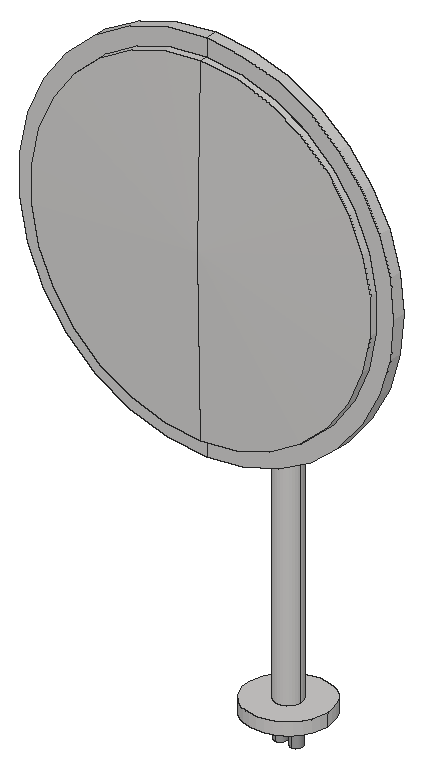
Revit family "PlumbingFixture_GroheLimited_Rainshower_Cosmopolitan310HeadShowerSet380_26066000_METRIC11", category Plumbing Fixtures, host Face, Revit 2015
Parameters (values of type "26066000")
  _DistributedBy = "www.bimstore.co.uk"
  _CurrentRevision = 1
  _CreatedBy = "www.bimstore.co.uk"
  _BimSpecGuid = 0
  _BSBibleVersion = 14
  _AuthorizedBy = "Kris Atkinson"
  _Author = "RW"
  Waste Connection = no
  WarrantyStartDate [instance] = "Please Record On Commissioning."
  WarrantyGuarantorParts = "info-uk@grohe.com"
  WarrantyGuarantorLabor = "info-uk@grohe.com"
  WarrantyDurationUnit = "Years"
  WarrantyDurationParts = "n/a"
  WarrantyDurationLabor = "n/a"
  WarrantyDescription = "n/a"
  WFU = 0
  Vent Connection = no
  URL = "www.grohe.com"
  TypeName = "Rainshower Cosmopolitan 310 Head shower set 380 mm"
  Type Comments = "26066000"
  SpareParts = "n/a"
  Size = "n/a"
  Shape = "n/a"
  SerialNumber [instance] = "Please Record On Commissioning."
  ReplacementCost = "n/a"
  ReferencedStandard = "n/a"
  ProductionYear = "2017"
  ProductPageURL = "https://www.grohe.co.uk/en_gb/head-showers-head-shower-set-380-mm-26066000.html"
  ProductDocumentationLink = "https://cdn.cloud.grohe.com/tpi/2000/2000/2090/2093/2093826/original/2093826.pdf"
  PrimaryMaterial = GroheLimited-Chrome
  PipeMaterial = GroheLimited-Pipework
  PercentageOfRecycledContent = "n/a"
  NominalLength = 310 mm
  NominalHeight = 310 mm
  NominalDepth = 535 mm
  NBSReference = "45-35-70/333"
  NBSOfficeMasterTag = "n/a"
  NBSObjectName = "Grohe Limited - Shower heads"
  NBSNote = ""
  NBSDescription = "Shower heads"
  ModelReference = "Rainshower Cosmopolitan 310 Head shower set 380 mm"
  ModelNumber = "26066000"
  Model = "Rainshower Cosmopolitan 310 Head shower set 380 mm"
  Material = "Chrome"
  MasterformatTitle = "Sanitary Facilities"
  MasterformatNumber = "01 52 19"
  ManufacturerName = "Grohe Limited"
  Manufacturer = "Grohe Limited"
  LowEmittingMaterial = no
  LEEDCredit = "n/a"
  Keynote = "N13"
  InstallationDate [instance] = "Please Record On Commissioning."
  IndustryStandards = "n/a"
  IfcExportType = "IfcPipeFittingType"
  IfcExportAs = "IfcPipeFitting"
  HotWaterConnectionDiameter = 10 mm
  HWFU = 4.5
  HW Connection = yes
  Grade = "n/a"
  Finish = "Chrome"
  Features = "Rainshower Cosmopolitan 310 Head shower set 380 mm consisting of: head shower Rainshower Cosmopolitan 310 (27 478 000) shower arm Rainshower 380 mm (28 361) GROHE EcoJoy 9.5 l/min flow limiter GROHE DreamSpray perfect spray pattern GROHE StarLight chrome finish SpeedClean anti-lime system DropStop no afterdripping from the horizontal shower head after closing the valve suitable for instantaneous heater min. recommended pressure 1.0 bar"
  ExpectedLife = 0
  Ecojoy = yes
  DurationUnit = "Years"
  DocumentationTechnical = "n/a"
  DocumentationMaintenance = "https://cdn.cloud.grohe.com/tpi/1000/1900/1940/1948/1948997/original/1948997.pdf#_ga=2.186584809.1122286748.1499669933-265171350.1499239726"
  DocumentationLiterature = "n/a"
  DocumentationInstallationGuide = "n/a"
  DocumentationCertificates = "n/a"
  Description = "Rainshower Cosmopolitan 310 Head shower set 380 mm consisting of: head shower Rainshower Cosmopolitan 310 (27 478 000) shower arm Rainshower 380 mm (28 361) GROHE EcoJoy 9.5 l/min flow limiter GROHE DreamSpray perfect spray pattern GROHE StarLight chrome finish SpeedClean anti-lime system DropStop no afterdripping from the horizontal shower head after closing the valve suitable for instantaneous heater min. recommended pressure 1.0 bar"
  Default Elevation = 0 mm
  CreatedOn = "2017-06-01T09:00:00"
  CreatedBy = "info-uk@grohe.com"
  Cost = 0
  Constituents = "n/a"
  Color = "Chrome"
  ColdWaterConnectionDiameter = 10 mm
  CodePerformance = "n/a"
  ClassificationValue = "Pr_40_20_87_76"
  ClassificationName = "Uniclass2015"
  CWFU = 4.5
  CW Connection = yes
  BarCode [instance] = "Please Record On Commissioning."
  BIMObjectName = "PlumbingFixture_GroheLimited_Rainshower_Cosmopolitan310HeadShowerSet380_26066000_METRIC"
  AssetType = "Fixed"
  AssetIdentifier [instance] = "Please Record On Commissioning."
  Assembly Code = "D2010"
  AccessibilityPerformance = "n/a"
  ADACompliant = no
Types (10, lengths in mm): name | Type Comments | PrimaryMaterial | ModelNumber | Material | Finish | Color
  (no name) | "26066000" | GroheLimited-Chrome | "26066000" | "Chrome" | "Chrome" | "Chrome"
  26066000 | "26066000" | GroheLimited-Chrome | "26066000" | "Chrome" | "Chrome" | "Chrome"
  26066A00 | "26066A00" | GroheLimited-HardGraphite | "26066A00" | "Hard Graphite" | "Hard Graphite" | "Hard Graphite"
  26066AL0 | "26066AL0" | GroheLimited-BrushedHardGraphite | "26066AL0" | "Brushed Hard Graphite" | "Brushed Hard Graphite" | "Brushed Hard Graphite"
  26066DA0 | "26066DA0" | GroheLimited-WarmSunset | "26066DA0" | "Warm Sunset" | "Warm Sunset" | "Warm Sunset"
  26066GL0 | "26066GL0" | GroheLimited-CoolSunrise | "26066GL0" | "Cool Sunrise" | "Cool Sunrise" | "Cool Sunrise"
  26066GN0 | "26066GN0" | GroheLimited-BrushedCoolSunrise | "26066GN0" | "Brushed Cool Sunrise" | "Brushed Cool Sunrise" | "Brushed Cool Sunrise"
  26066DL0 | "26066DL0" | GroheLimited-BrushedWarmSunset | "26066DL0" | "Brushed Warm Sunset" | "Brushed Warm Sunset" | "Brushed Warm Sunset"
  26066BE0 | "26066BE0" | GroheLimited-Nickel | "26066BE0" | "Polished Nickel" | "Polished Nickel" | "Polished Nickel"
  26066EN0 | "26066EN0" | GroheLimited-BrushedNickel | "26066EN0" | "Brushed Nickel" | "Brushed Nickel" | "Brushed Nickel"
Reference planes
  plane 1 "Center (Front/Back)": y = 0
  plane 2: z = 0
  plane 3 "Center (Left/Right)": x = 0
  plane 4: z = 0
Forms (mm)
  Sweep 1, solid, material "GroheLimited-Pipework" <- "PipeMaterial"
    path in 3D
      loop
        line (6.735, 0, 0) -> (6.735, 0, -22.649)
    profile origin (6.735, 0, -11.324) x (0, -1, 0) y (1, 0, 0)
      loop
        circle (0, 0) r 4.75
  Sweep 2, solid, material "GroheLimited-Pipework" <- "PipeMaterial"
    path in 3D
      loop
        line (-6.39, 0, 0) -> (-6.39, 0, -22.649)
    profile origin (-6.39, 0, -11.324) x (0, -1, 0) y (1, 0, 0)
      loop
        circle (0, 0) r 4.75
  Extrusion 3, solid, material "GroheLimited-Chrome" <- "PrimaryMaterial"
    sketch origin (0, 0, 0) x (1, 0, 0) y (0, 1, 0)
      loop
        circle (0, 0) r 32.5
    from 0 to 10
  Sweep 4, solid, material "GroheLimited-Chrome" <- "PrimaryMaterial"
    path origin (0, 0, 0) x (0, 1, 0) y (0, 0, 1)
      loop
        line (0, 10) -> (0, 339.772)
        arc (0, 339.772) -> (-11.716, 368.057) -> (-40, 379.772) r 40
        line (-40, 379.772) -> (-44.519, 379.772)
    profile origin (0, 0, 174.886) x (0, -1, 0) y (1, 0, 0)
      loop
        circle (0, 0) r 10.5
  Revolve 5, solid, material "GroheLimited-Chrome" <- "PrimaryMaterial"
    sketch origin (0, 0, 0) x (0, 1, 0) y (0, 0, 1)
      loop
        line (-44.519, 379.772) -> (-44.519, 393.3) -> (-50.269, 393.3) -> (-50.751, 391.5) -> (-53.534, 391.5)
        arc (-53.534, 391.5) -> (-54.924, 392.398) -> (-56.419, 393.105) r 12.527
        line (-56.419, 393.105) -> (-56.419, 399.399) -> (-61.249, 401.504) -> (-74.519, 401.51) -> (-74.519, 534.639) -> (-84.323, 534.639) -> (-84.323, 520.674) -> (-90.023, 520.351)
        arc (-90.023, 520.351) -> (-92.484, 450.081) -> (-93.305, 379.772) r 3012.531
        line (-93.305, 379.772) -> (-44.519, 379.772)
      axis (-44.519, 379.772) -> (-93.305, 379.772)
    angle from 0 to 360
Lines and regions (mm)
  sketch lines
    curve 1: line (6.735, 0, 0) -> (6.735, 0, -22.649)
    curve 2: line (-6.39, 0, 0) -> (-6.39, 0, -22.649)
Dimensions and locks
  aligned and locked: plane 2 to host face
  aligned and locked: level to host face
Connectors
  piping at (-6.39, 0, -22.649), diameter 10, driven by "HotWaterConnectionDiameter", driven by "HWFU"
    settings: on Sweep 2, index 1, connector inside diameter 24", connector length 0 mm, flow factor 0, pipe flow 0 GPM, pressure drop 0.00 psi, fitting loss kfactor 0, connector angle 0.00°, fixture units 4.5, engagement length 0 mm, angle of deflection 0.00°, flow configuration 3, flow direction 1, fitting loss method 4, system type 19, joint type 0, gender type 0, connector reference index -1, connector utility 0, adjustable connector no, is connector primary yes, connector description ""
  piping at (6.735, 0, -22.649), diameter 10, driven by "ColdWaterConnectionDiameter", driven by "HWFU"
    settings: on Sweep 1, index 2, connector inside diameter 24", connector length 0 mm, flow factor 0, pipe flow 0 GPM, pressure drop 0.00 psi, fitting loss kfactor 0, connector angle 0.00°, fixture units 4.5, engagement length 0 mm, angle of deflection 0.00°, flow configuration 3, flow direction 1, fitting loss method 4, system type 20, joint type 0, gender type 0, connector reference index -1, connector utility 0, adjustable connector no, is connector primary no, connector description ""
